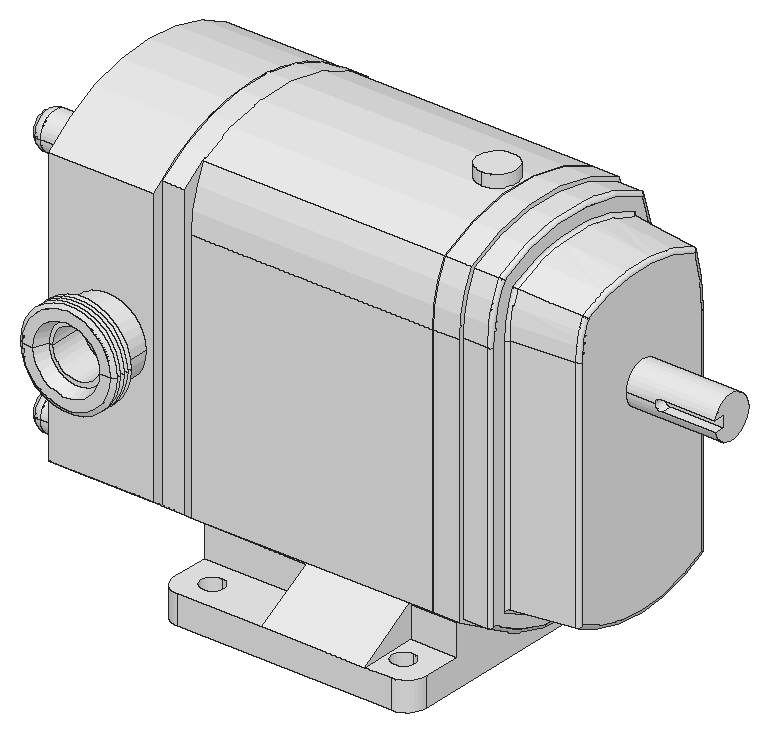
Revit family "MLP 20 - MR002 - Lobe Pump ", category Specialty Equipment, Revit 2022
Family settings
  Round Connector Dimension = Use Diameter
  Part Type = Normal
  Work Plane-Based = No
  Always vertical = Yes
  Cut with Voids When Loaded = No
  Maintain Annotation Orientation = No
  Shared = No
  Room Calculation Point = No
Parameters (values of type "MLP 20 - 0.75kW")
  URL = "https://en.ekinendustriyel.com/lobe-pumps/lobe-pumps"
  Pressure = 20.0 bar  # constant formula
  Motor Power = 0.75 kW  # constant formula
  Model = "MLP-20 TUL - MR002"
  Manufacturer = "Ekin Endüstriyel"
  Keynote = "Double Serpentine Heater Tank"
  Flow = 2.0 m³/h  # constant formula
  Description = "MIT MLP 20 - Lobe Pump"
  Default Elevation = 0"
Reference planes (in)
  plane 1 "Center (Front/Back)": y = 0
  plane 2: z = 0
  plane 3 "Center (Left/Right)": x = 0
Forms (in)
  Extrusion 1, solid, material "Ekin Endüstriyel_StainlesSteel", detail levels medium+fine
    sketch origin (0, 0, 0) x (1, 0, 0) y (0, 1, 0)
      loop
        arc (-2.94291, -2.16535) -> (-2.8276, -2.44374) -> (-2.54921, -2.55906) r 0.3937
        line (-2.54921, -2.55906) -> (1.86024, -2.55906)
        arc (1.86024, -2.55906) -> (2.13862, -2.44374) -> (2.25394, -2.16535) r 0.3937
        line (2.25394, -2.16535) -> (2.25394, 2.16535)
        arc (2.25394, 2.16535) -> (2.13862, 2.44374) -> (1.86024, 2.55906) r 0.3937
        line (1.86024, 2.55906) -> (-2.54921, 2.55906)
        arc (-2.54921, 2.55906) -> (-2.8276, 2.44374) -> (-2.94291, 2.16535) r 0.3937
        line (-2.94291, 2.16535) -> (-2.94291, -2.16535)
      loop
        circle (-2.31299, 1.9685) r 0.23622
      loop
        circle (1.62402, 1.9685) r 0.23622
      loop
        circle (1.62402, -1.9685) r 0.23622
      loop
        circle (-2.31299, -1.9685) r 0.23622
    from 0 to 0.59055
  Extrusion 2, solid, material "Ekin Endüstriyel_StainlesSteel", detail levels medium+fine
    sketch origin (0, 0, 0) x (0, 1, 0) y (0, 0, 1)
      loop
        arc (2.55906, 7.79528) -> (0, 8.77953) -> (-2.55906, 7.79528) r 3.8189
        line (-2.55906, 7.79528) -> (-2.55906, 2.12598)
        arc (-2.55906, 2.12598) -> (0, 1.14173) -> (2.55906, 2.12598) r 3.8189
        line (2.55906, 2.12598) -> (2.55906, 7.79528)
    from -3.04134 to -5.20669
  Extrusion 3, solid, material "Ekin Endüstriyel_StainlesSteel", detail levels medium+fine
    sketch origin (0, 0, 0) x (0, 1, 0) y (0, 0, 1)
      loop
        arc (-2.3622, 1.95997) -> (0, 1.14173) -> (2.3622, 1.95997) r 3.8189
        line (2.3622, 1.95997) -> (2.3622, 7.96129)
        arc (2.3622, 7.96129) -> (0, 8.77953) -> (-2.3622, 7.96129) r 3.8189
        line (-2.3622, 7.96129) -> (-2.3622, 1.95997)
    from -3.04134 to -2.5689
  Extrusion 4, solid, material "Ekin Endüstriyel_StainlesSteel", detail levels medium+fine
    sketch origin (0, 0, 0) x (0, 1, 0) y (0, 0, 1)
      loop
        arc (-1.88976, 8.27918) -> (-2.12471, 7.68993) -> (-2.20472, 7.06063) r 2.51469
        line (-2.20472, 7.06063) -> (-2.20472, 1.84243)
        arc (-2.20472, 1.84243) -> (0, 1.14173) -> (2.20472, 1.84243) r 3.8189
        line (2.20472, 1.84243) -> (2.20472, 6.68734)
        arc (2.20472, 6.68734) -> (2.12523, 7.49869) -> (1.88976, 8.27918) r 4.18012
        arc (1.88976, 8.27918) -> (0, 8.77953) -> (-1.88976, 8.27918) r 3.8189
    from -2.5689 to 2.41142
  Sweep 5, solid, material "Ekin Endüstriyel_StainlesSteel", detail levels medium+fine
    path in 3D
      loop
        arc (2.41142, 1.88976, 8.27918) -> (2.41142, 2.12523, 7.49869) -> (2.41142, 2.20472, 6.68734) r 4.18012
        line (2.41142, 2.20472, 6.68734) -> (2.41142, 2.20472, 1.84243)
        arc (2.41142, 2.20472, 1.84243) -> (2.41142, 0, 1.14173) -> (2.41142, -2.20472, 1.84243) r 3.8189
        line (2.41142, -2.20472, 1.84243) -> (2.41142, -2.20472, 7.06063)
        arc (2.41142, -2.20472, 7.06063) -> (2.41142, -2.12471, 7.68993) -> (2.41142, -1.88976, 8.27918) r 2.51469
        arc (2.41142, -1.88976, 8.27918) -> (2.41142, 0, 8.77953) -> (2.41142, 1.88976, 8.27918) r 3.8189
    profile origin (2.41142, 0, 8.77953) x (0, 0, 1) y (1, 0, 0)
      loop
        line (-0.07874, 0.55118) -> (-0.07874, 1.06392)
        arc (-0.07874, 1.06392) -> (-0.10153, 1.11894) -> (-0.15655, 1.14173) r 0.07781
        line (-0.15655, 1.14173) -> (-0.40811, 1.14173)
        arc (-0.40811, 1.14173) -> (-0.45533, 1.1601) -> (-0.47774, 1.20553) r 0.06989
        line (-0.47774, 1.20553) -> (-0.58912, 2.4787)
        arc (-0.58912, 2.4787) -> (-0.61577, 2.53273) -> (-0.67191, 2.55456) r 0.0831
        line (-0.67191, 2.55456) -> (-0.82285, 2.55456) -> (-0.82285, 0.55118) -> (-0.82285, 0) -> (0, 0) -> (0, 0.55118) -> (-0.07874, 0.55118)
  Extrusion 6, solid, material "Ekin Endüstriyel_StainlesSteel", detail levels medium+fine
    sketch origin (0, 0, 0) x (0, 1, 0) y (0, 0, 1)
      loop
        arc (-1.26597, 7.67608) -> (-1.35265, 7.37376) -> (-1.38188, 7.06063) r 1.69184
        line (-1.38188, 7.06063) -> (-1.38188, 2.3023)
        arc (-1.38188, 2.3023) -> (0, 1.96458) -> (1.38188, 2.3023) r 2.99605
        line (1.38188, 2.3023) -> (1.38188, 6.68734)
        arc (1.38188, 6.68734) -> (1.34306, 7.1964) -> (1.2275, 7.69368) r 3.35728
        arc (1.2275, 7.69368) -> (-0.02115, 7.95661) -> (-1.26597, 7.67608) r 2.99605
    from 2.41142 to 4.96598
  Revolve 7, solid, material "Ekin Endüstriyel_StainlesSteel", detail levels medium+fine
    sketch origin (0, 0, 2.37219) x (1, 0, 0) y (0, 1, 0)
      loop
        line (-5.20669, 1.96048) -> (-5.86006, 1.96048)
        arc (-5.86006, 1.96048) -> (-5.93689, 1.94951) -> (-6.00757, 1.91745) r 0.27436
        arc (-6.00757, 1.91745) -> (-6.14408, 1.77012) -> (-6.19094, 1.5748) r 0.39679
        line (-6.19094, 1.5748) -> (-5.20669, 1.5748) -> (-5.20669, 1.96048)
      axis (-5.20669, 1.5748) -> (-6.19094, 1.5748)
    angle from 0 to 360
  Revolve 8, solid, material "Ekin Endüstriyel_StainlesSteel", detail levels medium+fine
    sketch origin (0, 0, 7.55182) x (1, 0, 0) y (0, 1, 0)
      loop
        line (-5.20669, 1.96048) -> (-5.86006, 1.96048)
        arc (-5.86006, 1.96048) -> (-5.93689, 1.94951) -> (-6.00757, 1.91745) r 0.27436
        arc (-6.00757, 1.91745) -> (-6.14408, 1.77012) -> (-6.19094, 1.5748) r 0.39679
        line (-6.19094, 1.5748) -> (-5.20669, 1.5748) -> (-5.20669, 1.96048)
      axis (-5.20669, 1.5748) -> (-6.19094, 1.5748)
    angle from 0 to 360
  Revolve 9, solid, material "Ekin Endüstriyel_StainlesSteel", detail levels medium+fine
    sketch origin (0, 0, 2.37219) x (1, 0, 0) y (0, 1, 0)
      loop
        line (-5.20669, -1.96048) -> (-5.20669, -1.5748) -> (-6.19094, -1.5748)
        arc (-6.19094, -1.5748) -> (-6.14408, -1.77012) -> (-6.00757, -1.91745) r 0.39679
        arc (-6.00757, -1.91745) -> (-5.93689, -1.94951) -> (-5.86006, -1.96048) r 0.27436
        line (-5.86006, -1.96048) -> (-5.20669, -1.96048)
      axis (-5.20669, -1.5748) -> (-6.19094, -1.5748)
    angle from 0 to 360
  Revolve 10, solid, material "Ekin Endüstriyel_StainlesSteel", detail levels medium+fine
    sketch origin (0, 0, 7.55182) x (1, 0, 0) y (0, 1, 0)
      loop
        line (-5.20669, -1.96048) -> (-5.20669, -1.5748) -> (-6.19094, -1.5748)
        arc (-6.19094, -1.5748) -> (-6.14408, -1.77012) -> (-6.00757, -1.91745) r 0.39679
        arc (-6.00757, -1.91745) -> (-5.93689, -1.94951) -> (-5.86006, -1.96048) r 0.27436
        line (-5.86006, -1.96048) -> (-5.20669, -1.96048)
      axis (-5.20669, -1.5748) -> (-6.19094, -1.5748)
    angle from 0 to 360
  Extrusion 11, solid, material "Ekin Endüstriyel_StainlesSteel"
    sketch origin (-5.20669, 0, 0) x (0, -1, 0) y (0, 0, 1)
      loop
        circle (0, 4.96063) r 1.9685
    from 0 to 0.3937
  Extrusion 12, solid, material "Ekin Endüstriyel_StainlesSteel", detail levels fine
    sketch origin (4.22244, 0, 6.02362) x (0, 0, 1) y (0, 1, 0)
      loop
        circle (0, 0) r 0.43307
    from -2.57874 to -0.74803
  Extrusion 13, void
    sketch origin (0, 0, 0) x (1, 0, 0) y (0, 0, 1)
      loop
        line (6.80118, 6.13969) -> (5.69991, 6.13969)
        arc (5.69991, 6.13969) -> (5.5818, 6.02158) -> (5.69991, 5.90347) r 0.11811
        line (5.69991, 5.90347) -> (6.80118, 5.90347) -> (6.80118, 6.13969)
    from 0.19685 to 0.53788
  Extrusion 14, solid, material "Ekin Endüstriyel_StainlesSteel", detail levels medium+fine
    sketch origin (0, 0, 0) x (0, 1, 0) y (0, 0, 1)
      loop
        line (2.55906, 0.59055) -> (1.24375, 1.34994)
        arc (1.24375, 1.34994) -> (0, 1.14173) -> (-1.24375, 1.34994) r 3.8189
        line (-1.24375, 1.34994) -> (-2.55906, 0.59055) -> (2.55906, 0.59055)
    from -0.81939 to 1.29729
  Extrusion 15, solid, material "Ekin Endüstriyel_StainlesSteel", detail levels medium+fine
    sketch origin (0, 0, 0) x (0, 1, 0) y (0, 0, 1)
      loop
        line (1.33982, 1.29448) -> (1.24375, 1.34994)
        arc (1.24375, 1.34994) -> (0, 1.14173) -> (-1.24375, 1.34994) r 3.8189
        line (-1.24375, 1.34994) -> (-1.33985, 1.29446)
        arc (-1.33985, 1.29446) -> (-1.36774, 1.26657) -> (-1.37795, 1.22846) r 0.07621
        line (-1.37795, 1.22846) -> (-1.37795, 0.59055) -> (1.37795, 0.59055) -> (1.37795, 1.22843)
        arc (1.37795, 1.22843) -> (1.36774, 1.26656) -> (1.33982, 1.29448) r 0.07626
    from -2.94291 to 2.25394
  Extrusion 16, solid, material "Ekin Endüstriyel_StainlesSteel", detail levels medium+fine
    sketch origin (1.73228, 0, 0) x (1, 0, 0) y (0, 1, 0)
      loop
        circle (0.24606, 0) r 0.3937
    from 8.7471 to 9.01575
  Extrusion 17, solid, material "Ekin Endüstriyel_StainlesSteel", detail levels coarse+medium
    sketch origin (-5.20669, 0, 0) x (0, -1, 0) y (0, 0, 1)
      loop
        circle (-1.5748, 7.55182) r 0.38568
      loop
        circle (1.5748, 7.55182) r 0.38568
      loop
        circle (1.5748, 2.37219) r 0.38568
      loop
        circle (-1.5748, 2.37219) r 0.38568
    from 0 to 1.00934
  Extrusion 18, solid, material "Ekin Endüstriyel_StainlesSteel", detail levels coarse+medium
    sketch origin (4.22244, 0, 6.02362) x (0, 0, 1) y (0, 1, 0)
      loop
        circle (0, 0) r 0.43307
    from -2.57874 to -0.74803
  Extrusion 19, solid, material "Ekin Endüstriyel_StainlesSteel", detail levels coarse
    sketch origin (0, 0, 0) x (0, 1, 0) y (0, 0, 1)
      loop
        arc (2.55906, 7.79528) -> (0, 8.77953) -> (-2.55906, 7.79528) r 3.8189
        line (-2.55906, 7.79528) -> (-2.55906, 2.12598)
        arc (-2.55906, 2.12598) -> (0, 1.14173) -> (2.55906, 2.12598) r 3.8189
        line (2.55906, 2.12598) -> (2.55906, 7.79528)
    from 4.97047 to -5.20669
  Extrusion 20, solid, material "Ekin Endüstriyel_StainlesSteel", detail levels coarse
    sketch origin (0, 0, 0) x (1, 0, 0) y (0, 1, 0)
      loop
        arc (-2.94291, -2.16535) -> (-2.8276, -2.44374) -> (-2.54921, -2.55906) r 0.3937
        line (-2.54921, -2.55906) -> (1.86024, -2.55906)
        arc (1.86024, -2.55906) -> (2.13862, -2.44374) -> (2.25394, -2.16535) r 0.3937
        line (2.25394, -2.16535) -> (2.25394, 2.16535)
        arc (2.25394, 2.16535) -> (2.13862, 2.44374) -> (1.86024, 2.55906) r 0.3937
        line (1.86024, 2.55906) -> (-2.54921, 2.55906)
        arc (-2.54921, 2.55906) -> (-2.8276, 2.44374) -> (-2.94291, 2.16535) r 0.3937
        line (-2.94291, 2.16535) -> (-2.94291, -2.16535)
    from 0 to 0.59055
  Extrusion 21, solid, material "Ekin Endüstriyel_StainlesSteel", detail levels coarse
    sketch origin (0, 0, 0) x (0, 1, 0) y (0, 0, 1)
      loop
        line (1.33982, 1.29448) -> (1.24375, 1.34994)
        arc (1.24375, 1.34994) -> (0, 1.14173) -> (-1.24375, 1.34994) r 3.8189
        line (-1.24375, 1.34994) -> (-1.33985, 1.29446)
        arc (-1.33985, 1.29446) -> (-1.36774, 1.26657) -> (-1.37795, 1.22846) r 0.07621
        line (-1.37795, 1.22846) -> (-1.37795, 0.59055) -> (1.37795, 0.59055) -> (1.37795, 1.22843)
        arc (1.37795, 1.22843) -> (1.36774, 1.26656) -> (1.33982, 1.29448) r 0.07626
    from -2.94291 to 2.25394
  Extrusion 22, solid, material "Ekin Endüstriyel_StainlesSteel", detail levels medium
    sketch origin (0.17389, 0, -0.00323) x (1, 0, 0) y (0, 0, -1)
      loop
        arc (-3.68286, -4.84818) -> (-4.18286, -4.34892) -> (-4.68285, -4.84818) r 0.5
        arc (-4.68285, -4.84818) -> (-4.18286, -5.34744) -> (-3.68286, -4.84818) r 0.5
      loop
        circle (-4.18286, -4.84791) r 0.99283
    from 2.55906 to 3.60112
  Extrusion 23, solid, material "Ekin Endüstriyel_StainlesSteel", detail levels coarse
    sketch origin (0.17389, 0, -0.00323) x (1, 0, 0) y (0, 0, -1)
      loop
        circle (-4.18286, -4.84744) r 0.99283
    from 2.55906 to 3.60112
  Revolve 24, solid, material "Ekin Endüstriyel_StainlesSteel", detail levels fine
    sketch origin (0.17389, 0, 4.84421) x (1, 0, 0) y (0, 1, 0)
      loop
        line (-4.98373, 2.55906) -> (-4.68286, 2.55906) -> (-4.68286, 3.32656) -> (-4.77298, 3.32656) -> (-4.87291, 3.60112) -> (-5.0934, 3.60112) -> (-5.17569, 3.55362) -> (-5.09681, 3.50808) -> (-5.17569, 3.46254) -> (-5.09681, 3.417) -> (-5.17569, 3.37146) -> (-5.09675, 3.32588) -> (-5.17569, 3.28031) -> (-5.09681, 3.23477) -> (-5.17654, 3.18874) -> (-4.98373, 3.18874) -> (-4.98373, 2.55906)
      axis (-4.18286, 2.55906) -> (-4.18286, 3.60112)
    angle from 0 to 360
  Extrusion 25, solid, material "Ekin Endüstriyel_StainlesSteel", detail levels medium
    sketch origin (0.17389, 0, -0.00323) x (1, 0, 0) y (0, 0, 1)
      loop
        arc (-3.68286, 4.84818) -> (-4.18286, 5.34744) -> (-4.68285, 4.84818) r 0.5
        arc (-4.68285, 4.84818) -> (-4.18286, 4.34892) -> (-3.68286, 4.84818) r 0.5
      loop
        circle (-4.18286, 4.84791) r 0.99283
    from 2.55906 to 3.60112
  Extrusion 26, solid, material "Ekin Endüstriyel_StainlesSteel", detail levels coarse
    sketch origin (0.17389, 0, -0.00323) x (1, 0, 0) y (0, 0, 1)
      loop
        circle (-4.18286, 4.84744) r 0.99283
    from 2.55906 to 3.60112
  Revolve 27, solid, material "Ekin Endüstriyel_StainlesSteel", detail levels fine
    sketch origin (0.17389, 0, 4.84421) x (1, 0, 0) y (0, 1, 0)
      loop
        line (-4.98373, -2.55906) -> (-4.98373, -3.18874) -> (-5.17654, -3.18874) -> (-5.09681, -3.23477) -> (-5.17569, -3.28031) -> (-5.09675, -3.32588) -> (-5.17569, -3.37146) -> (-5.09681, -3.417) -> (-5.17569, -3.46254) -> (-5.09681, -3.50808) -> (-5.17569, -3.55362) -> (-5.0934, -3.60112) -> (-4.87291, -3.60112) -> (-4.77298, -3.32656) -> (-4.68286, -3.32656) -> (-4.68286, -2.55906) -> (-4.98373, -2.55906)
      axis (-4.18286, -2.55906) -> (-4.18286, -3.60112)
    angle from 0 to 360
Cuts and joins
  joined: Sweep 5, Extrusion 6
  Extrusion 13 cuts Extrusion 12
  joined: Extrusion 3, Extrusion 4, Extrusion 16
  joined: Extrusion 1, Extrusion 14, Extrusion 15
Lines and regions (in)
  sketch lines
    curve 1: arc (2.41142, -1.88976, 8.27918) -> (2.41142, 0, 8.77953) -> (2.41142, 1.88976, 8.27918) r 3.8189
    curve 2: arc (2.41142, -2.20472, 7.06063) -> (2.41142, -2.12471, 7.68993) -> (2.41142, -1.88976, 8.27918) r 2.51469
    curve 3: line (2.41142, -2.20472, 7.06063) -> (2.41142, -2.20472, 1.84243)
    curve 4: arc (2.41142, 2.20472, 1.84243) -> (2.41142, 0, 1.14173) -> (2.41142, -2.20472, 1.84243) r 3.8189
    curve 5: line (2.41142, 2.20472, 1.84243) -> (2.41142, 2.20472, 6.68734)
    curve 6: arc (2.41142, 1.88976, 8.27918) -> (2.41142, 2.12523, 7.49869) -> (2.41142, 2.20472, 6.68734) r 4.18012
Dimensions and locks (in)
  aligned and locked: level to plane 2
Connectors (in)
  piping at (-4.00897, 3.60112, 4.84495), diameter 1
    settings: on Extrusion 22, index 1, connector inside diameter 609.6 mm, connector length 0", flow factor 0, pipe flow 0.0 m³/h, pressure drop 0.0 bar, fitting loss kfactor 0, connector angle 0.00°, fixture units 0, engagement length 0", angle of deflection 0.00°, flow configuration 0, flow direction 0, fitting loss method 0, system type 7, joint type 0, gender type 0, connector reference index -1, connector utility 0, adjustable connector no, is connector primary yes, connector description ""
  piping at (-4.00897, -3.60112, 4.84495), diameter 1
    settings: on Extrusion 25, index 2, connector inside diameter 609.6 mm, connector length 0", flow factor 0, pipe flow 0.0 m³/h, pressure drop 0.0 bar, fitting loss kfactor 0, connector angle 0.00°, fixture units 0, engagement length 0", angle of deflection 0.00°, flow configuration 0, flow direction 0, fitting loss method 0, system type 7, joint type 0, gender type 0, connector reference index -1, connector utility 0, adjustable connector no, is connector primary no, connector description ""
